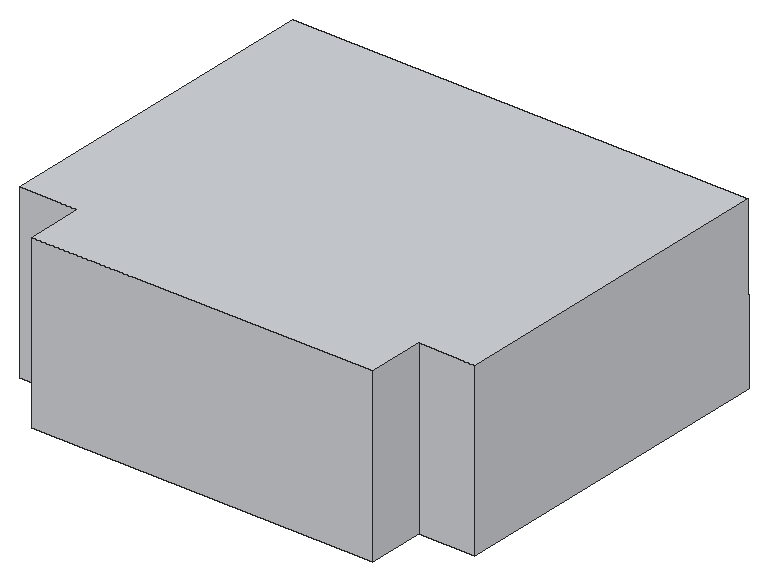
Revit family "M_Rectangular Reducing Tee - DTL", category Duct Fittings, Revit 2014
Parameters (values of type "Standard")
  Straight Out Right [instance] = 150 mm
  Straight Out Left [instance] = 150 mm
  Straight In Right [instance] = 150 mm
  Straight In Left [instance] = 150 mm
  Offset [instance] = (Width Out Left - Width Out Right) * 0.25 + Half Width Out Right  # 450 mm
  Width In [instance] = 900 mm
  Width Out Right [instance] = 900 mm
  Width Out Left [instance] = 900 mm
  Length 8 [instance] = 3048 mm + abs(Half Width Out Right - Half Width Out Left) / 2  # 3048 mm
  Half Width Out Right [instance] = Width Out Right / 2  # 450 mm
  Half Width Out Left [instance] = Width Out Left / 2  # 450 mm
  Length 7 [instance] = Length 6 + Width Out Right / 2  # 1050 mm
  Length 6 [instance] = if(Width Out Left > Width Out Right, Length 5 - Half Width Out Right, Length 5 - Half Width Out Right)  # 600 mm
  Length 5 [instance] = if(Width Out Left > Width Out Right, Width Out Left + Straight In Left, Width Out Right + Straight In Right)  # 1050 mm
  Length 4 [instance] = Width In / 2 + Straight Out Right  # 600 mm
  Length 3 [instance] = Width In / 2 + Straight Out Left  # 600 mm
  Depth In [instance] = 450 mm
Reference planes
  plane 1 "Center (Front/Back)": y = 0
  plane 2: z = 0
  plane 3 "Center (Left/Right)": x = 0
  plane 4: y = 450
  plane 5: y = 0
  plane 6: y = 0
  plane 7: y = -600
  plane 8: y = -3048
  plane 9: y = 0
  plane 10: y = 0.254
Forms (mm)
  Sweep 1, solid, detail levels medium+fine
    path in 3D
      loop
        line (0, 0, 0) -> (-600, 0, 0)
    profile "M_Duct - Rectangular : Duct - Rectangular 1" origin (-300, 0, 0) x (0, -1, 0) y (0, 0, 1)
      loop
        line (-450, 225) -> (-450, -225) -> (450, -225) -> (450, 225) -> (-450, 225)
  Sweep 2, solid, detail levels medium+fine
    path in 3D
      loop
        line (0, 0, 0) -> (600, 0, 0)
    profile "M_Duct - Rectangular : Duct - Rectangular 2" origin (300, 0, 0) x (0, 1, 0) y (0, 0, 1)
      loop
        line (-450, 225) -> (-450, -225) -> (450, -225) -> (450, 225) -> (-450, 225)
  Sweep 3, solid, detail levels medium+fine
    path in 3D
      loop
        line (0, 450, 0) -> (0, -600, 0)
    profile "M_Duct - Rectangular : Duct - Rectangular 3" origin (0, -75, 0) x (1, 0, 0) y (0, 0, 1)
      loop
        line (-450, 225) -> (-450, -225) -> (450, -225) -> (450, 225) -> (-450, 225)
Cuts and joins
  joined: Sweep 1, Sweep 2, Sweep 3
Lines and regions (mm)
  model lines, detail levels coarse
    curve 1: line (0, 0, 0) -> (-600, 0, 0)
    curve 2: line (0, 0, 0) -> (600, 0, 0)
    curve 9: line (0, 0.254, 0) -> (0, -600, 0)
  sketch lines
    curve 3: line (0, 0, 0) -> (-600, 0, 0)
    curve 4: line (0, 0, 0) -> (600, 0, 0)
    curve 6: line (0, 450, 0) -> (0, -600, 0)
  reference lines
    curve 5: line (0, 450, 0) -> (0, -600, 0)
    curve 7: line (0, -600, 0) -> (0, 450, 0)
    curve 8: line (0, 1217.724, 0) -> (0, 658.924, 0)
Dimensions and locks
  "Offset": plane 1 "Center (Front/Back)" to plane 4
  "Half Width Out Right": plane 5 to plane 4
  "Half Width Out Left": plane 6 to plane 4
  "Length 3": curve 1 to curve 1
  "Length 4": curve 2 to curve 2
  "Length 5": curve 5 to curve 5
  "Length 6": plane 7 to plane 5
  "Length 7": curve 7 to curve 7
  locked: plane 1 "Center (Front/Back)" to plane 8 at 3048
  "Length 8": plane 9 to plane 8
  locked: plane 10 to plane 9 at 0.254
  aligned and locked: plane 6 to curve 1
  aligned and locked: plane 3 "Center (Left/Right)" to curve 2
  aligned and locked: plane 4 to curve 5
  aligned and locked: curve 5 to plane 3 "Center (Left/Right)"
  aligned and locked: plane 7 to curve 7
  aligned and locked: plane 3 "Center (Left/Right)" to curve 7
  aligned and locked: curve 8 to plane 3 "Center (Left/Right)"
  aligned and locked: plane 10 to curve 9
  aligned and locked: plane 7 to curve 9
  aligned and locked: curve 9 to plane 3 "Center (Left/Right)"
Automatic sketch dimensions
  curve 8 to plane 4 = 208.924 mm
  curve 8 to curve 8 = 558.8 mm
  curve 1 to plane 3 "Center (Left/Right)" = 0 mm
  plane 5 to curve 2 = 0 mm
Connectors
  hvac at (-600, 0, 0), driven by "Depth In", driven by "Width Out Left"
    settings: on Sweep 1, index 1, duct flow 0.0 L/s, flow factor 0, pres drop 0.0 Pa, loss coef 0, conn angle 0.00°, conn width 900 mm, conn height 450 mm, conn diameter 609.6 mm, duct sys type 28, conn prof type 1, flow config 0, flow direction 0, loss method 0, conn ref index 2, conn util no, is conn primary yes, conn desc ""
  hvac at (600, 0, 0), driven by "Depth In", driven by "Width Out Right"
    settings: on Sweep 2, index 2, duct flow 0.0 L/s, flow factor 0, pres drop 0.0 Pa, loss coef 0, conn angle 0.00°, conn width 900 mm, conn height 450 mm, conn diameter 609.6 mm, duct sys type 28, conn prof type 1, flow config 0, flow direction 0, loss method 0, conn ref index 1, conn util no, is conn primary no, conn desc ""
  hvac at (0, -600, 0), driven by "Depth In", driven by "Width In"
    settings: on Sweep 3, index 3, duct flow 0.0 L/s, flow factor 0, pres drop 0.0 Pa, loss coef 0, conn angle 0.00°, conn width 900 mm, conn height 450 mm, conn diameter 609.6 mm, duct sys type 28, conn prof type 1, flow config 0, flow direction 0, loss method 0, conn ref index -1, conn util no, is conn primary no, conn desc ""
